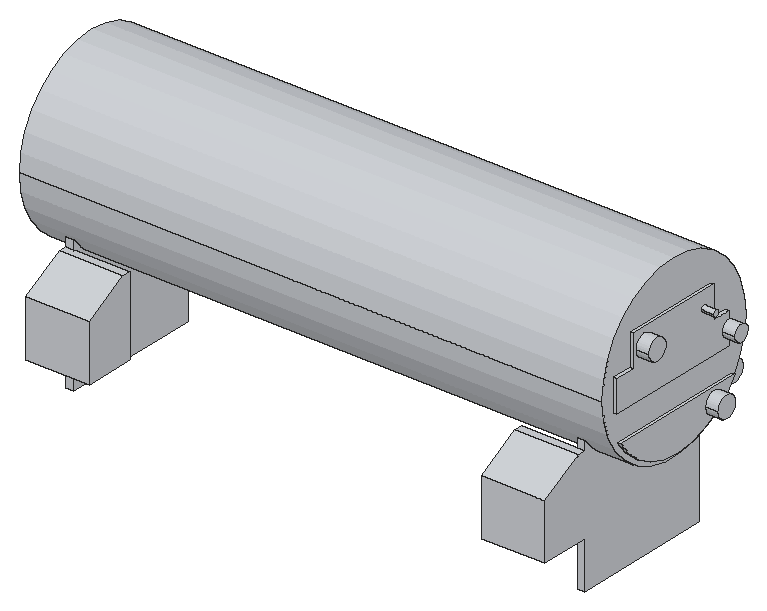
Revit family "186a019658064ecc94890695b9ce57bc", category Mechanical Equipment, Revit 2021
Family settings
  Round Connector Dimension = Use Radius
  Part Type = Normal
  OmniClass Number = 23.75.10.24.21.21.11
  OmniClass Title = Absorption Water Chillers
  Seek Item ID = Absorption Chiller - Classic - 112-465 Tons-0000-USA-ENU
  Work Plane-Based = No
  Always vertical = Yes
  Cut with Voids When Loaded = No
  Shared = No
  Room Calculation Point = No
Parameters (values of type "420-465 Tons")
  Voltage = 460 V
  Steam Supply Radius = 1"
  Steam Supply Diameter = Steam Supply Radius * 2  # 2"
  Steam Return Radius = 1"
  Steam Return Diameter = Steam Return Radius * 2  # 2"
  Steam Flow [instance] = 15676 GPM
  Number of Poles = 3
  Load Classification = Cooling
  Default Elevation = 0' - 0"
  Cooling Water Supply Radius = 4"
  Cooling Water Supply Diameter = Cooling Water Supply Radius * 2  # 8"
  Cooling Water Return Radius = 4"
  Cooling Water Return Diameter = Cooling Water Return Radius * 2  # 8"
  Cooling Water Pressure Drop [instance] = 10.411 psi
  Cooling Water Flow [instance] = 1674 GPM
  Cooling Capacity [instance] = 5329200 Btu/h
  Chiller Width = 7' - 1"
  Chiller Radius 1 = Chiller Radius - 0' 2"  # 2' - 8"
  Chiller Radius = (Chiller Height - 3' 2") / 2  # 2' - 10"
  Chiller Material = none
  Chiller Length = 19' - 6"
  Chiller Height = 8' - 10"
  Chilled Water Supply Radius = 3"
  Chilled Water Supply Diameter = Chilled Water Supply Radius * 2  # 6"
  Chilled Water Return Radius = 3"
  Chilled Water Return Diameter = Chilled Water Return Radius * 2  # 6"
  Chilled Water Pressure Drop [instance] = 8.208 psi
  Chilled Water Flow [instance] = 1063 GPM
  C5 Offset 3 = 7' - 3"
  C5 Offset 2 = 1' - 0"
  C4 Offset 3 = 4' - 2"
  C4 Offset 2 = 1' - 4"
  C3 Offset 3 = 7' - 4"
  C3 Offset 2 = 1' - 4"
  C1 Offset 3 = 5' - 11"
  C1 Offset 2 = 2' - 0"
  Apparent Load = 6400 VA
Types (12): name | Steam Flow | Cooling Water Supply Radius | Cooling Water Supply Diameter | Cooling Water Return Radius | Cooling Water Return Diameter | Cooling Water Pressure Drop | Cooling Water Flow | Cooling Capacity | Chiller Width | Chiller Radius 1 | Chiller Radius | Chiller Length | Chiller Height | Chilled Water Supply Radius | Chilled Water Supply Diameter | Chilled Water Return Radius | Chilled Water Return Diameter | Chilled Water Pressure Drop | Chilled Water Flow | C5 Offset 3 | C5 Offset 2 | C4 Offset 3 | C4 Offset 2 | C3 Offset 3 | C3 Offset 2 | C1 Offset 3 | C1 Offset 2
  (no name) | 15676 GPM | 4" | 8" | 4" | 8" | 10.411 psi | 1674 GPM | 5329200 Btu/h | 7' - 1" | 2' - 8" | 2' - 10" | 19' - 6" | 8' - 10" | 3" | 6" | 3" | 6" | 8.208 psi | 1063 GPM | 7' - 3" | 1' - 0" | 4' - 2" | 1' - 4" | 7' - 4" | 1' - 4" | 5' - 11" | 2' - 0"
  112 Tons | 3876 GPM | 1 3/4" | 3 1/2" | 2" | 4" | 10.973 psi | 403 GPM | 1294800 Btu/h | 5' - 10" | 1' - 10 1/2" | 2' - 0 1/2" | 11' - 1" | 7' - 3" | 1 3/4" | 3 1/2" | 1 3/4" | 3 1/2" | 12.398 psi | 258 GPM | 6' - 2" | 0' - 8" | 3' - 11" | 1' - 1" | 6' - 4" | 0' - 6" | 5' - 2" | 1' - 6"
  129 Tons | 4539 GPM | 2" | 4" | 2" | 4" | 14.818 psi | 464 GPM | 1515600 Btu/h | 5' - 10" | 1' - 10 1/2" | 2' - 0 1/2" | 12' - 6" | 7' - 3" | 1 3/4" | 3 1/2" | 1 3/4" | 3 1/2" | 11.362 psi | 302 GPM | 6' - 2" | 0' - 8" | 3' - 11" | 1' - 1" | 6' - 4" | 0' - 6" | 5' - 2" | 1' - 6"
  148 Tons | 5267 GPM | 2" | 4" | 2" | 4" | 12.139 psi | 533 GPM | 1756800 Btu/h | 5' - 10" | 1' - 10 1/2" | 2' - 0 1/2" | 14' - 1" | 7' - 3" | 1 3/4" | 3 1/2" | 1 3/4" | 3 1/2" | 16.416 psi | 350 GPM | 6' - 2" | 0' - 8" | 3' - 11" | 1' - 1" | 6' - 4" | 0' - 11" | 5' - 2" | 1' - 6"
  174 Tons | 5734 GPM | 2 1/2" | 5" | 2 1/2" | 5" | 13.954 psi | 626 GPM | 1952400 Btu/h | 6' - 1" | 2' - 1" | 2' - 3" | 12' - 6" | 7' - 8" | 2" | 4" | 2" | 4" | 11.707 psi | 389 GPM | 6' - 6" | 0' - 9" | 4' - 0" | 1' - 2" | 6' - 9" | 0' - 7" | 5' - 5" | 1' - 7"
  200 Tons | 6634 GPM | 2 1/2" | 5" | 2 1/2" | 5" | 11.232 psi | 720 GPM | 2263200 Btu/h | 6' - 1" | 2' - 1" | 2' - 3" | 14' - 1" | 7' - 8" | 2" | 4" | 2" | 4" | 14.256 psi | 451 GPM | 6' - 6" | 0' - 9" | 4' - 0" | 1' - 2" | 6' - 9" | 1' - 0" | 5' - 5" | 1' - 7"
  228 Tons | 7719 GPM | 2 1/2" | 5" | 2 1/2" | 5" | 15.552 psi | 821 GPM | 2628000 Btu/h | 6' - 1" | 2' - 1" | 2' - 3" | 16' - 0" | 7' - 8" | 2" | 4" | 2" | 4" | 12.182 psi | 524 GPM | 6' - 6" | 0' - 9" | 4' - 0" | 1' - 2" | 6' - 9" | 1' - 0" | 5' - 5" | 1' - 7"
  256 Tons | 8698 GPM | 3" | 6" | 3" | 6" | 10.757 psi | 922 GPM | 2961600 Btu/h | 6' - 4" | 2' - 4" | 2' - 6" | 14' - 5" | 8' - 2" | 2 1/2" | 5" | 2 1/2" | 5" | 16.286 psi | 590 GPM | 6' - 9" | 0' - 10" | 4' - 0" | 1' - 4" | 6' - 11" | 1' - 2" | 5' - 7" | 1' - 10"
  294 Tons | 10141 GPM | 3" | 6" | 3" | 6" | 15.163 psi | 1058 GPM | 3447600 Btu/h | 6' - 4" | 2' - 4" | 2' - 6" | 16' - 4" | 8' - 2" | 2 1/2" | 5" | 2 1/2" | 5" | 13.608 psi | 687 GPM | 6' - 9" | 0' - 11" | 4' - 0" | 1' - 4" | 6' - 11" | 1' - 2" | 5' - 7" | 1' - 10"
  354 Tons | 12505 GPM | 3" | 6" | 3" | 6" | 12.83 psi | 1058 GPM | 4058400 Btu/h | 6' - 4" | 2' - 4" | 2' - 6" | 19' - 3" | 8' - 2" | 2 1/2" | 5" | 2 1/2" | 5" | 9.115 psi | 809 GPM | 6' - 9" | 0' - 10" | 4' - 0" | 1' - 4" | 6' - 11" | 1' - 2" | 5' - 7" | 1' - 10"
  385 Tons | 12858 GPM | 4" | 8" | 4" | 8" | 12.744 psi | 1386 GPM | 4416000 Btu/h | 7' - 1" | 2' - 8" | 2' - 10" | 16' - 7" | 8' - 10" | 3" | 6" | 3" | 6" | 12.139 psi | 880 GPM | 7' - 3" | 1' - 0" | 4' - 2" | 1' - 4" | 7' - 4" | 1' - 4" | 5' - 11" | 2' - 0"
  420-465 Tons | 15676 GPM | 4" | 8" | 4" | 8" | 10.411 psi | 1674 GPM | 5329200 Btu/h | 7' - 1" | 2' - 8" | 2' - 10" | 19' - 6" | 8' - 10" | 3" | 6" | 3" | 6" | 8.208 psi | 1063 GPM | 7' - 3" | 1' - 0" | 4' - 2" | 1' - 4" | 7' - 4" | 1' - 4" | 5' - 11" | 2' - 0"
Reference planes (in)
  plane 1 "Center (Front/Back)": y = 0
  plane 2: z = 0
  plane 3 "Center (Left/Right)": x = 0
  plane 4: y = -7
  plane 5: y = 27
  plane 6: y = 61
  plane 7: y = 54
  plane 8: z = 38
  plane 9: z = 106
  plane 10: z = 72
  plane 11: x = -12
  plane 12: x = -13.5
  plane 13: x = -18.5
  plane 14: x = 215.5
  plane 15: x = 210.5
  plane 16: x = 209
  plane 17: x = 197
  plane 18: x = 3
  plane 19: x = 194
  plane 20: z = 18
  plane 21: z = 39.25
  plane 22: z = 48
  plane 23: y = 66
  plane 24: y = -19
  plane 25: y = -3.25
  plane 26: x = 24
  plane 27: x = 173
  plane 28: z = 50
  plane 29: z = 84
  plane 30: x = -11.5
  plane 31: x = 48.5
  plane 32: y = 57
  plane 33: z = 54
  plane 34: x = 208
  plane 35: x = 160
  plane 36: z = 55
  plane 37: y = 51
  plane 38: y = 3
  plane 39: y = -2
  plane 40: y = 56
  plane 41: y = 39
  plane 42: y = 11
  plane 43: y = 1.55579
  plane 44: y = 44
  plane 45: y = 6
  plane 46: z = 78
  plane 47: z = 66
  plane 48: z = 84
  plane 49: z = 90
Forms (in)
  Extrusion 1, solid, material <- "Chiller Material"
    sketch origin (0, 0, 0) x (0, 1, 0) y (0, 0, 1)
      loop
        circle (27, 72) r 34
    from -12 to 209
  Extrusion 2, solid, material <- "Chiller Material"
    sketch origin (0, 0, 0) x (0, 1, 0) y (0, 0, 1)
      loop
        line (54, 72) -> (0, 72) -> (0, 0) -> (54, 0) -> (54, 72)
    from 3 to 0
  Extrusion 3, solid, material <- "Chiller Material"
    sketch origin (0, 0, 0) x (0, 1, 0) y (0, 0, 1)
      loop
        line (54, 72) -> (0, 72) -> (0, 0) -> (54, 0) -> (54, 72)
    from 194 to 197
  Extrusion 4, solid, material <- "Chiller Material"
    sketch origin (0, 0, 0) x (0, 1, 0) y (0, 0, 1)
      loop
        line (0, 48) -> (-3.25, 48) -> (-19, 39.25) -> (-19, 18) -> (0, 18) -> (0, 48)
    from 0 to 24
  Extrusion 5, solid, material <- "Chiller Material"
    sketch origin (0, 0, 0) x (0, 1, 0) y (0, 0, 1)
      loop
        line (0, 48) -> (-3.25, 48) -> (-19, 39.25) -> (-19, 18) -> (0, 18) -> (0, 48)
    from 173 to 197
  Extrusion 6, solid, material <- "Chiller Material"
    sketch origin (0, 0, 0) x (0, 1, 0) y (0, 0, 1)
      loop
        line (66, 84) -> (61, 84) -> (61, 50) -> (66, 50) -> (66, 84)
    from -11.5 to 48.5
  Extrusion 7, solid, material <- "Chiller Material"
    sketch origin (0, 0, 0) x (0, 1, 0) y (0, 0, 1)
      loop
        circle (57, 54) r 4
    from 160 to 208
  Extrusion 8, solid, material <- "Chiller Material"
    sketch origin (0, 0, 0) x (0, 1, 0) y (0, 0, 1)
      loop
        line (54.11088, 55) -> (-0.11088, 55)
        arc (-0.11088, 55) -> (27, 40) -> (54.11088, 55) r 32
    from -13.5 to -12
  Extrusion 9, solid, material <- "Chiller Material"
    sketch origin (0, 0, 0) x (0, 1, 0) y (0, 0, 1)
      loop
        line (44, 90) -> (6, 90) -> (6, 78) -> (-2, 78) -> (-2, 66) -> (56, 66) -> (56, 78) -> (44, 78) -> (44, 90)
    from -13.5 to -12
  Extrusion 10, solid, material <- "Chiller Material"
    sketch origin (0, 0, 0) x (0, 1, 0) y (0, 0, 1)
      loop
        line (54.11088, 55) -> (-0.11088, 55)
        arc (-0.11088, 55) -> (27, 40) -> (54.11088, 55) r 32
    from 209 to 210.5
  Extrusion 11, solid, material <- "Chiller Material"
    sketch origin (0, 0, 0) x (0, 1, 0) y (0, 0, 1)
      loop
        line (44, 90) -> (6, 90) -> (6, 78) -> (-2, 78) -> (-2, 66) -> (51, 66) -> (51, 78) -> (44, 78) -> (44, 90)
    from 209 to 210.5
  Extrusion 12, solid, material <- "Chiller Material"
    sketch origin (0, 0, 0) x (0, 1, 0) y (0, 0, 1)
      loop
        circle (39, 84) r 1
      loop
        circle (51, 72) r 3
    from -13.5 to -18.5
  Extrusion 13, solid, material <- "Chiller Material"
    sketch origin (0, 0, 0) x (0, 1, 0) y (0, 0, 1)
      loop
        circle (39, 84) r 1
      loop
        circle (11, 84) r 4
      loop
        circle (51, 72) r 3
      loop
        circle (44, 50) r 4
    from 210.5 to 215.5
Cuts and joins
  joined: Extrusion 1, Extrusion 2, Extrusion 3, Extrusion 4, Extrusion 5, Extrusion 6, Extrusion 7, Extrusion 8, Extrusion 9, Extrusion 10, Extrusion 11, Extrusion 12, Extrusion 13
Dimensions and locks (in)
  locked: plane 1 "Center (Front/Back)" to plane 4 at 7
  "Chiller Radius": plane 5 to plane 4
  "Chiller Radius": plane 6 to plane 5
  locked: plane 6 to plane 7 at 7
  locked: plane 8 to plane 2 at 38
  "Chiller Height": plane 9 to plane 2
  equal spacing: plane 9, plane 10, plane 8
  locked: plane 11 to plane 3 "Center (Left/Right)" at 12
  locked: plane 12 to plane 11 at 1.5
  locked: plane 13 to plane 12 at 5
  "Chiller Length": plane 13 to plane 14
  locked: plane 15 to plane 14 at 5
  locked: plane 16 to plane 15 at 1.5
  locked: plane 17 to plane 16 at 12
  locked: plane 3 "Center (Left/Right)" to plane 18 at 3
  locked: plane 19 to plane 17 at 3
  locked: plane 20 to plane 2 at 18
  locked: plane 21 to plane 20 at 21.25
  locked: plane 22 to plane 21 at 8.75
  locked: plane 23 to plane 6 at 5
  "Chiller Width": plane 23 to plane 24
  locked: plane 1 "Center (Front/Back)" to plane 25 at 3.25
  locked: plane 3 "Center (Left/Right)" to plane 26 at 24
  locked: plane 27 to plane 17 at 24
  "C4 Offset 3": plane 28 to plane 2
  locked: plane 29 to plane 28 at 34
  locked: plane 11 to plane 30 at 0.5
  locked: plane 30 to plane 31 at 60
  locked: plane 6 to plane 32 at 4
  locked: plane 33 to plane 2 at 54
  locked: plane 34 to plane 16 at 1
  locked: plane 35 to plane 34 at 48
  locked: plane 36 to plane 28 at 5
  "C1 Offset 2": plane 37 to plane 5
  "C1 Offset 2": plane 5 to plane 38
  locked: plane 40 to plane 37 at 5
  locked: plane 38 to plane 39 at 5
  "C5 Offset 2": plane 41 to plane 5
  "C3 Offset 2": plane 5 to plane 42
  locked: plane 44 to plane 41 at 5
  locked: plane 42 to plane 45 at 5
  locked: plane 10 to plane 47 at 6
  locked: plane 46 to plane 10 at 6
  locked: plane 48 to plane 46 at 6
  locked: plane 49 to plane 48 at 6
  "Chiller Radius": radius of Extrusion 1 sketch curve
  radius of Extrusion 7 sketch curve = 0' - 4"
  "Chiller Radius 1": radius of Extrusion 8 sketch curve
  "Chiller Radius 1": radius of Extrusion 10 sketch curve
  "Steam Return Radius": radius of Extrusion 12 sketch curve
  "Chilled Water Return Radius": radius of Extrusion 12 sketch curve
  "Steam Supply Radius": radius of Extrusion 13 sketch curve
  "Cooling Water Supply Radius": radius of Extrusion 13 sketch curve
  "Chilled Water Supply Radius": radius of Extrusion 13 sketch curve
  "Cooling Water Return Radius": radius of Extrusion 13 sketch curve
  aligned and locked: plane 5 to Extrusion 1 sketch curve
  aligned and locked: plane 10 to Extrusion 1 sketch curve
  aligned and locked: plane 16 to Extrusion 1
  aligned and locked: Extrusion 1 to plane 11
  aligned and locked: plane 7 to Extrusion 2 sketch curve
  aligned and locked: plane 10 to Extrusion 2 sketch curve
  aligned and locked: plane 2 to Extrusion 2 sketch curve
  aligned and locked: plane 1 "Center (Front/Back)" to Extrusion 2 sketch curve
  aligned and locked: Extrusion 2 to plane 18
  aligned and locked: Extrusion 2 to plane 3 "Center (Left/Right)"
  aligned and locked: Extrusion 3 sketch curve to Extrusion 2  (x3)
  aligned and locked: Extrusion 2 to Extrusion 3 sketch curve
  aligned and locked: plane 17 to Extrusion 3
  aligned and locked: Extrusion 3 to plane 19
  aligned and locked: Extrusion 4 to plane 3 "Center (Left/Right)"
  aligned and locked: plane 26 to Extrusion 4
  aligned and locked: plane 17 to Extrusion 5
  aligned and locked: Extrusion 5 to plane 27
  aligned and locked: plane 23 to Extrusion 6 sketch curve
  aligned and locked: plane 29 to Extrusion 6 sketch curve
  aligned and locked: plane 28 to Extrusion 6 sketch curve
  aligned and locked: Extrusion 6 sketch curve to plane 6
  aligned and locked: Extrusion 6 to plane 30
  aligned and locked: plane 31 to Extrusion 6
  aligned and locked: plane 32 to Extrusion 7 sketch curve
  aligned and locked: plane 33 to Extrusion 7 sketch curve
  aligned and locked: plane 34 to Extrusion 7
  aligned and locked: Extrusion 7 to plane 35
  aligned and locked: plane 5 to Extrusion 8 sketch curve
  aligned and locked: plane 10 to Extrusion 8 sketch curve
  aligned and locked: Extrusion 1 to Extrusion 8
  aligned and locked: Extrusion 8 to plane 12
  aligned and locked: Extrusion 9 to plane 12
  aligned and locked: Extrusion 9 to Extrusion 1
  aligned and locked: plane 15 to Extrusion 11
  aligned and locked: Extrusion 11 to Extrusion 1
  aligned and locked: plane 15 to Extrusion 10
  aligned and locked: Extrusion 10 to Extrusion 1
  aligned and locked: plane 41 to Extrusion 12 sketch curve
  aligned and locked: plane 48 to Extrusion 12 sketch curve
  aligned and locked: plane 37 to Extrusion 12 sketch curve
  aligned and locked: plane 10 to Extrusion 12 sketch curve
  aligned and locked: Extrusion 12 to plane 13
  aligned and locked: plane 12 to Extrusion 12
  aligned and locked: plane 37 to Extrusion 13 sketch curve
  aligned and locked: plane 10 to Extrusion 13 sketch curve
  aligned and locked: plane 41 to Extrusion 13 sketch curve
  aligned and locked: plane 48 to Extrusion 13 sketch curve  (x2)
  aligned and locked: plane 42 to Extrusion 13 sketch curve
  aligned and locked: plane 44 to Extrusion 13 sketch curve
  aligned and locked: plane 28 to Extrusion 13 sketch curve
  aligned and locked: plane 14 to Extrusion 13
  aligned and locked: Extrusion 13 to plane 15
  aligned and locked: plane 22 to cut or joined group 1 (Extrusion 1, Extrusion 2, Extrusion 3, Extrusion 4, Extrusion 5, Extrusion 6, Extrusion 7, Extrusion 8, Extrusion 9, Extrusion 10, Extrusion 11, Extrusion 12, Extrusion 13)  (x2)
  aligned and locked: plane 24 to cut or joined group 1  (x2)
  aligned and locked: cut or joined group 1 to plane 20  (x2)
  aligned and locked: cut or joined group 1 to plane 1 "Center (Front/Back)"  (x2)
  aligned and locked: plane 36 to cut or joined group 1  (x2)
  aligned and locked: cut or joined group 1 to plane 40  (x3)
  aligned and locked: plane 46 to cut or joined group 1  (x4)
  aligned and locked: cut or joined group 1 to plane 44  (x2)
  aligned and locked: cut or joined group 1 to plane 49  (x2)
  aligned and locked: plane 45 to cut or joined group 1  (x2)
  aligned and locked: plane 39 to cut or joined group 1  (x2)
  aligned and locked: plane 47 to cut or joined group 1  (x2)
  aligned and locked: plane 40 to cut or joined group 1
  aligned and locked: plane 49 to Extrusion 11 sketch curve
  aligned and locked: Extrusion 11 sketch curve to plane 46  (x2)
  aligned and locked: plane 37 to Extrusion 11 sketch curve
  aligned and locked: plane 44 to Extrusion 11 sketch curve
  aligned and locked: Extrusion 11 sketch curve to plane 45
  aligned and locked: Extrusion 11 sketch curve to plane 39
  aligned and locked: Extrusion 11 sketch curve to plane 47
  aligned and locked: plane 10 to Extrusion 10 sketch curve
  aligned and locked: plane 5 to Extrusion 10 sketch curve
Automatic sketch dimensions
  Extrusion 4 sketch curve to plane 20 = 0' - 0"
  Extrusion 4 sketch curve to plane 24 = 0' - 0"
  Extrusion 4 sketch curve to plane 25 = 0' - 0"
  Extrusion 4 sketch curve to plane 1 "Center (Front/Back)" = 0' - 0"
  Extrusion 4 sketch curve to plane 21 = 0' - 0"
  Extrusion 4 sketch curve to plane 22 = 0' - 0"
  Extrusion 5 sketch curve to plane 21 = 0' - 0"
  Extrusion 5 sketch curve to plane 24 = 0' - 0"
  Extrusion 5 sketch curve to plane 25 = 0' - 0"
  Extrusion 5 sketch curve to plane 1 "Center (Front/Back)" = 0' - 0"
  Extrusion 5 sketch curve to plane 20 = 0' - 0"
  Extrusion 5 sketch curve to plane 22 = 0' - 0"
  Extrusion 8 sketch curve to plane 36 = 0' - 0"
  plane 39 to Extrusion 9 sketch curve = 0' - 0"
  Extrusion 9 sketch curve to plane 45 = 0' - 0"
  Extrusion 9 sketch curve to plane 44 = 0' - 0"
  Extrusion 9 sketch curve to plane 40 = 0' - 0"
  Extrusion 9 sketch curve to plane 47 = 0' - 0"
  Extrusion 9 sketch curve to plane 46 = 0' - 0"  (x2)
  Extrusion 9 sketch curve to plane 49 = 0' - 0"
  Extrusion 10 sketch curve to plane 36 = 0' - 0"
Connectors (in)
  piping at (215.5, 51, 72), diameter 6, driven by "Chilled Water Return Radius", driven by "Chilled Water Flow"
    settings: on Extrusion 13, index 1, connector inside diameter 6", connector length 0' - 0", flow factor 0, pipe flow 1063 GPM, pressure drop 0.00 psi, fitting loss kfactor 0, connector angle 0.00°, fixture units 0, engagement length 0' - 0", angle of deflection 0.00°, flow configuration 0, flow direction 1, fitting loss method 4, system type 8, joint type 0, gender type 0, connector reference index 2, connector utility 0, adjustable connector no, is connector primary yes, connector description "Chilled Water In"
  piping at (-18.5, 51, 72), diameter 6, driven by "Chilled Water Supply Radius", driven by "Chilled Water Flow", driven by "Chilled Water Pressure Drop"
    settings: on Extrusion 12, index 2, connector inside diameter 6", connector length 0' - 0", flow factor 0, pipe flow 1063 GPM, pressure drop 8.208 psi, fitting loss kfactor 0, connector angle 0.00°, fixture units 0, engagement length 0' - 0", angle of deflection 0.00°, flow configuration 0, flow direction 2, fitting loss method 4, system type 7, joint type 0, gender type 0, connector reference index 1, connector utility 0, adjustable connector no, is connector primary no, connector description "Chilled Water Out"
  piping at (215.5, 11, 84), diameter 8, driven by "Cooling Water Supply Radius", driven by "Cooling Water Flow"
    settings: on Extrusion 13, index 3, connector inside diameter 8", connector length 0' - 0", flow factor 0, pipe flow 1674 GPM, pressure drop 0.00 psi, fitting loss kfactor 0, connector angle 0.00°, fixture units 0, engagement length 0' - 0", angle of deflection 0.00°, flow configuration 1, flow direction 1, fitting loss method 4, system type 7, joint type 0, gender type 0, connector reference index 4, connector utility 0, adjustable connector no, is connector primary no, connector description "Cooling Water In"
  piping at (215.5, 44, 50), diameter 8, driven by "Cooling Water Return Radius", driven by "Cooling Water Pressure Drop", driven by "Cooling Water Flow"
    settings: on Extrusion 13, index 4, connector inside diameter 8", connector length 0' - 0", flow factor 0, pipe flow 1674 GPM, pressure drop 10.411 psi, fitting loss kfactor 0, connector angle 0.00°, fixture units 0, engagement length 0' - 0", angle of deflection 0.00°, flow configuration 1, flow direction 2, fitting loss method 4, system type 8, joint type 0, gender type 0, connector reference index 3, connector utility 0, adjustable connector no, is connector primary no, connector description "Cooling Water Out"
  piping at (215.5, 39, 84), diameter 2, driven by "Steam Supply Radius", driven by "Steam Flow"
    settings: on Extrusion 13, index 5, connector inside diameter 2", connector length 0' - 0", flow factor 0, pipe flow 15676 GPM, pressure drop 0.00 psi, fitting loss kfactor 0, connector angle 0.00°, fixture units 0, engagement length 0' - 0", angle of deflection 0.00°, flow configuration 1, flow direction 1, fitting loss method 0, system type 22, joint type 0, gender type 0, connector reference index 6, connector utility 0, adjustable connector no, is connector primary no, connector description "Steam In"
  piping at (-18.5, 39, 84), diameter 2, driven by "Steam Return Radius", driven by "Steam Flow"
    settings: on Extrusion 12, index 6, connector inside diameter 2", connector length 0' - 0", flow factor 0, pipe flow 15676 GPM, pressure drop 0.00 psi, fitting loss kfactor 0, connector angle 0.00°, fixture units 0, engagement length 0' - 0", angle of deflection 0.00°, flow configuration 1, flow direction 2, fitting loss method 0, system type 22, joint type 0, gender type 0, connector reference index 5, connector utility 0, adjustable connector no, is connector primary no, connector description "Steam Out"
  electrical at (18.5, 66, 67), driven by "Apparent Load", driven by "Voltage", driven by "Number of Poles", driven by "Load Classification"
    settings: on Extrusion 6, index 7, voltage 460 V, apparent load 6400 VA, apparent load phase1 0 VA, apparent load phase2 0 VA, apparent load phase3 0 VA, power factor 0.8, load classification "Cooling", number of poles 3, system type 30, power factor state 1, is connector primary yes, connector utility no, sub classification motor no, connector description ""
